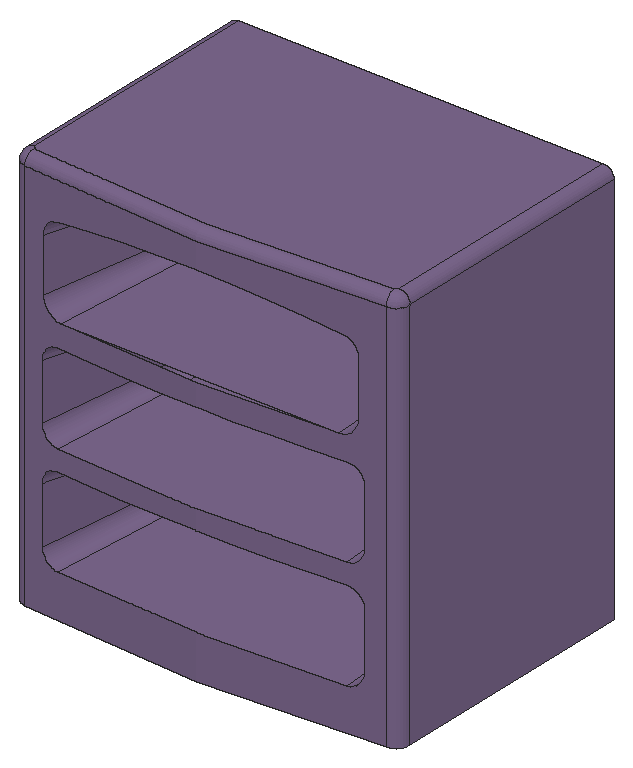
Revit family "NBS_PineappleContracts_GnrlFitngsFrnshngsAndEqpmntSym_RynoChest", category Furniture, Revit 2018
Family settings
  Work Plane-Based = No
  Always vertical = Yes
  Cut with Voids When Loaded = No
  Shared = No
  Room Calculation Point = No
Parameters
  Weight = "24 kg"
  WarrantyStartDate [instance] = "1900-12-31T23:59:59"
  WarrantyGuarantorParts = "n/a"
  WarrantyGuarantorLabor = "n/a"
  WarrantyDurationUnit = "year"
  WarrantyDurationParts = "n/a"
  WarrantyDurationLabor = "n/a"
  WarrantyDescription = "Lifetime guarantee against manufacturing faults"
  Version = "2"  # constant formula
  Uniclass2015Version = "Systems v1.15"
  Uniclass2015Title = "Chests"
  Uniclass2015Code = "Pr_40_30_78_11"
  TagNumber [instance] = "n/a"
  SystemManufacturer = "Pineapple Contracts"
  SustainabilityPerformance = "100% recyclable"
  Style = "Chest"
  Status = "UNSET"
  Size = "735 x 698 x 507 mm"
  Shape = "Rectangle"
  SerialNumber [instance] = "n/a"
  Revision = "n/a"
  ReplacementCost = "n/a"
  Reference = "n/a"
  ProductInformation = "https://uk.pineapplecontracts.com/product/ryno-bedroom-range/"
  NominalWidth = 698 mm
  NominalLength = 0 mm
  NominalHeight = 735 mm
  NominalDepth = 507 mm
  Name = "GeneralFittingsFurnishingsAndEquipmentSystem_RynoChest_PineappleContracts"
  NBSReference = "35-05-35/135"
  NBSDescription = "General fittings, furnishings and equipment system"
  NBSCertification = "www.nationalbimlibrary.com/cert/awrt4vni"
  ModelReference = "RynoChest"
  ModelNumber = "1RYOC-FF-003"
  Material = "UV stabilised polyethylene with anti-microbial additive"
  ManufacturerURL = "www.pineapplecontracts.com"
  ManufacturerName = "Pineapple Contracts"  # constant formula
  Manufacturer = "sales@pineapplecontracts.com"
  MainColor = "n/a"
  IsBuiltIn = no
  InstallationDate [instance] = "1900-12-31T23:59:59"
  IfcExportType = "NOTDEFINED"  # constant formula
  IfcExportAs = "IfcFurnitureType"  # constant formula
  Grade = "n/a"
  Finish = "n/a"
  Features = "Flame retardant, anti-bacterial, wall and floor fixing options available"
  ExpectedLife = "n/a"
  DurationUnit = "year"
  Description = "Ryno open chest with 3 compartments"
  Constituents = "n/a"
  Color = "Blaze orange, epic blue, icon purple, vegas yellow, cool green, black, thunder grey, moonwalk grey, lime green, granite"
  CodePerformance = "BS EN 16139: 2013 level 2, BS 5852:2006, UL94 HB flammability standards"
  ChestMaterial = NBS_PineappleContracts_IconPurple
  Width = 698 mm  # constant formula
  Height = 735 mm  # constant formula
  Depth = 507 mm  # constant formula
  Category = "Pr_40_30_78_11:Chests"
  BarCode [instance] = "n/a"
  BIMObjectName = "NBS_PineappleContracts_GeneralFittingsFurnishingsAndEquipmentSystem_RynoChest"
  Author = "NBS"  # constant formula
  AssetType = "Fixed"
  AssetIdentifier [instance] = "n/a"
  AccessibilityPerformance = "n/a"
Reference planes
  plane 1 "Back": y = 0
  plane 2 "Bottom": z = 0
  plane 3 "Center (Left/Right)": x = 0
  plane 4 "Left": x = -349
  plane 5 "Right": x = 349
  plane 6 "Front": y = -507
  plane 7 "Top": z = 735
Forms (mm)
  Extrusion 1, solid, material "NBS_PineappleContracts_IconPurple" <- "ChestMaterial", detail levels medium+fine
    sketch origin (0, 0, 0) x (1, 0, 0) y (0, 1, 0)
      loop
        line (-349, 0) -> (-349, -461.615)
        arc (-349, -461.615) -> (-342.756, -478.145) -> (-327.142, -486.417) r 25
        arc (-327.142, -486.417) -> (0.016, -507) -> (327.16, -486.185) r 2595.73
        arc (327.16, -486.185) -> (342.762, -477.909) -> (349, -461.386) r 25
        line (349, -461.386) -> (349, 0) -> (-349, 0)
    from 0 to 733
  Sweep 2, void
    path origin (0, 0, 0) x (1, 0, 0) y (0, 1, 0)
      loop
        line (-349, 0) -> (-349, -461.615)
        arc (-349, -461.615) -> (-342.756, -478.145) -> (-327.142, -486.417) r 25
        arc (-327.142, -486.417) -> (0.016, -507) -> (327.16, -486.185) r 2595.73
        arc (327.16, -486.185) -> (342.762, -477.909) -> (349, -461.386) r 25
        line (349, -461.386) -> (349, 0)
    profile origin (-349, -230.808, 0) x (1, 0, 0) y (0, 0, 1)
      loop
        line (0, 733) -> (0, 713)
        arc (0, 713) -> (5.858, 727.142) -> (20, 733) r 20
        line (20, 733) -> (0, 733)
  Blend 3, void
    base sketch origin (0, 0, 137.5) x (1, 0, 0) y (0, 0, 1)
      loop
        line (-219.153, 347.5) -> (221.653, 347.5)
        arc (221.653, 347.5) -> (232.26, 351.893) -> (236.653, 362.5) r 15
        line (236.653, 362.5) -> (236.653, 419.524)
        arc (236.653, 419.524) -> (230.601, 435.832) -> (215.376, 444.245) r 25
        arc (215.376, 444.245) -> (1.381, 460.614) -> (-212.716, 445.629) r 1469.059
        arc (-212.716, 445.629) -> (-228.048, 437.254) -> (-234.153, 420.884) r 25
        line (-234.153, 420.884) -> (-234.153, 362.5)
        arc (-234.153, 362.5) -> (-229.76, 351.893) -> (-219.153, 347.5) r 15
    top sketch origin (0, 0, 137.5) x (1, 0, 0) y (0, 0, 1)
      loop
        line (-291.593, 481.607) -> (-291.593, 382.5)
        arc (-291.593, 382.5) -> (-281.342, 357.751) -> (-256.593, 347.5) r 35
        line (-256.593, 347.5) -> (248.407, 347.5)
        arc (248.407, 347.5) -> (273.155, 357.751) -> (283.407, 382.5) r 35
        line (283.407, 382.5) -> (283.407, 482.21)
        arc (283.407, 482.21) -> (276.088, 501.845) -> (257.704, 511.901) r 30
        arc (257.704, 511.901) -> (-4.151, 530.598) -> (-265.96, 511.287) r 1813.262
        arc (-265.96, 511.287) -> (-284.298, 501.216) -> (-291.593, 481.607) r 30
    from 20.803 to 511.517
  Blend 4, void
    base sketch origin (0, 0, -67.333) x (1, 0, 0) y (0, 0, 1)
      loop
        line (-225.847, 347.333) -> (224.153, 347.333)
        arc (224.153, 347.333) -> (238.295, 353.191) -> (244.153, 367.333) r 20
        line (244.153, 367.333) -> (244.153, 417.483)
        arc (244.153, 417.483) -> (238.682, 431.228) -> (225.262, 437.453) r 20
        arc (225.262, 437.453) -> (-0.852, 443.702) -> (-226.964, 437.358) r 4062.636
        arc (-226.964, 437.358) -> (-240.379, 431.13) -> (-245.847, 417.389) r 20
        line (-245.847, 417.389) -> (-245.847, 367.333)
        arc (-245.847, 367.333) -> (-239.989, 353.191) -> (-225.847, 347.333) r 20
    top sketch origin (0, 0, -67.333) x (1, 0, 0) y (0, 0, 1)
      loop
        line (-292.729, 482.333) -> (-292.729, 377.333)
        arc (-292.729, 377.333) -> (-283.943, 356.12) -> (-262.729, 347.333) r 30
        line (-262.729, 347.333) -> (262.729, 347.333)
        arc (262.729, 347.333) -> (283.943, 356.12) -> (292.729, 377.333) r 30
        line (292.729, 377.333) -> (292.729, 482.333)
        arc (292.729, 482.333) -> (283.943, 503.547) -> (262.729, 512.333) r 30
        line (262.729, 512.333) -> (-262.729, 512.333)
        arc (-262.729, 512.333) -> (-283.943, 503.547) -> (-292.729, 482.333) r 30
    from 20.803 to 507
  Blend 5, void
    base sketch origin (0, 0, -267.5) x (1, 0, 0) y (0, 0, 1)
      loop
        line (-225.847, 347.5) -> (224.153, 347.5)
        arc (224.153, 347.5) -> (238.295, 353.358) -> (244.153, 367.5) r 20
        line (244.153, 367.5) -> (244.153, 417.65)
        arc (244.153, 417.65) -> (238.682, 431.395) -> (225.262, 437.619) r 20
        arc (225.262, 437.619) -> (-0.852, 443.869) -> (-226.964, 437.524) r 4062.636
        arc (-226.964, 437.524) -> (-240.379, 431.297) -> (-245.847, 417.556) r 20
        line (-245.847, 417.556) -> (-245.847, 367.5)
        arc (-245.847, 367.5) -> (-239.989, 353.358) -> (-225.847, 347.5) r 20
    top sketch origin (0, 0, -267.5) x (1, 0, 0) y (0, 0, 1)
      loop
        line (-292.729, 482.5) -> (-292.729, 377.5)
        arc (-292.729, 377.5) -> (-283.943, 356.287) -> (-262.729, 347.5) r 30
        line (-262.729, 347.5) -> (262.729, 347.5)
        arc (262.729, 347.5) -> (283.943, 356.287) -> (292.729, 377.5) r 30
        line (292.729, 377.5) -> (292.729, 482.5)
        arc (292.729, 482.5) -> (283.943, 503.713) -> (262.729, 512.5) r 30
        line (262.729, 512.5) -> (-262.729, 512.5)
        arc (-262.729, 512.5) -> (-283.943, 503.713) -> (-292.729, 482.5) r 30
    from 20.803 to 507
  Extrusion 6, solid, material "NBS_PineappleContracts_IconPurple" <- "ChestMaterial", detail levels coarse
    sketch origin (870.705, 559.296, 0) x (1, 0, 0) y (0, 1, 0)
      loop
        line (-1219.705, -1066.296) -> (-521.705, -1066.296) -> (-521.705, -559.296) -> (-1219.705, -559.296) -> (-1219.705, -1066.296)
    from 0 to 735
Cuts and joins
  Sweep 2, Blend 3, Blend 4, Blend 5 cuts Extrusion 1
Dimensions and locks
  equal spacing: plane 4 "Left", plane 3 "Center (Left/Right)", plane 5 "Right", locked at 349 each
  "Width": plane 4 "Left" to plane 5 "Right"
  "Depth": plane 6 "Front" to plane 1 "Back"
  "Height": plane 7 "Top" to level
  aligned and locked: level to plane 2 "Bottom"
  aligned and locked: Extrusion 1 to level
Automatic sketch dimensions
  plane 1 "Back" to Extrusion 1 sketch curve = 0 mm
  Extrusion 1 sketch curve to plane 4 "Left" = 0 mm
  Extrusion 1 sketch curve to plane 5 "Right" = 0 mm
  Extrusion 1 sketch curve to Extrusion 1 sketch curve = 25 mm  (x2)
  Extrusion 1 sketch curve to plane 3 "Center (Left/Right)" = 0.903 mm
  Extrusion 1 sketch curve to plane 6 "Front" = 45.614 mm
  Extrusion 1 sketch curve to plane 6 "Front" = 45.385 mm
  Extrusion 1 sketch curve to plane 1 "Back" = 2088.73 mm
  Extrusion 1 sketch curve to Extrusion 1 sketch curve = 0 mm
  Sweep 2 sketch curve to plane 4 "Left" = 0 mm
  Sweep 2 sketch curve to plane 5 "Right" = 0 mm
  plane 1 "Back" to Sweep 2 sketch curve = 0 mm  (x2)
  Sweep 2 sketch curve to Sweep 2 sketch curve = 25 mm
  Sweep 2 sketch curve to plane 3 "Center (Left/Right)" = 0.903 mm
  Sweep 2 sketch curve to plane 5 "Right" = 25 mm
  Sweep 2 sketch curve to plane 6 "Front" = 45.614 mm
  Sweep 2 sketch curve to plane 6 "Front" = 45.385 mm
  Sweep 2 sketch curve to plane 1 "Back" = 2088.73 mm
  Sweep 2 sketch curve to Sweep 2 sketch curve = 0 mm
  profile plane to Sweep 2 sketch curve = 0 mm
  Sweep 2 sketch curve to Sweep 2 sketch curve = 20 mm
  level to Sweep 2 sketch curve = 713 mm
  plane 4 "Left" to Blend 3 sketch curve = 114.847 mm
  Blend 3 sketch curve to Blend 3 sketch curve = 15 mm  (x2)
  Blend 3 sketch curve to Blend 3 sketch curve = 25 mm
  Blend 3 sketch curve to plane 3 "Center (Left/Right)" = 3.368 mm
  Blend 3 sketch curve to plane 5 "Right" = 137.347 mm
  Blend 3 sketch curve to Blend 3 sketch curve = 10 mm
  Blend 3 sketch curve to level = 870.937 mm
  Blend 3 sketch curve to Blend 3 sketch curve = 57.024 mm
  Blend 3 sketch curve to Blend 3 sketch curve = 58.384 mm
  Blend 3 sketch curve to Blend 3 sketch curve = 0 mm  (x2)
  plane 4 "Left" to Blend 3 sketch curve = 57.407 mm
  Blend 3 sketch curve to Blend 3 sketch curve = 30 mm
  Blend 3 sketch curve to Blend 3 sketch curve = 35 mm  (x2)
  Blend 3 sketch curve to plane 3 "Center (Left/Right)" = 2.026 mm
  Blend 3 sketch curve to plane 5 "Right" = 100.593 mm
  Blend 3 sketch curve to plane 5 "Right" = 95.593 mm
  Blend 3 sketch curve to level = 1145.163 mm
  Blend 3 sketch curve to Blend 3 sketch curve = 99.107 mm
  Blend 3 sketch curve to Blend 3 sketch curve = 99.71 mm
  plane 4 "Left" to Blend 4 sketch curve = 103.153 mm
  Blend 4 sketch curve to Blend 4 sketch curve = 20 mm  (x3)
  plane 3 "Center (Left/Right)" to Blend 4 sketch curve = 0.001 mm
  Blend 4 sketch curve to plane 5 "Right" = 124.847 mm
  Blend 4 sketch curve to Blend 4 sketch curve = 0 mm  (x2)
  Blend 4 sketch curve to level = 3686.267 mm
  level to Blend 4 sketch curve = 280 mm  (x2)
  Blend 4 sketch curve to Blend 4 sketch curve = 50.056 mm
  Blend 4 sketch curve to Blend 4 sketch curve = 50.15 mm
  plane 4 "Left" to Blend 4 sketch curve = 56.271 mm
  Blend 4 sketch curve to Blend 4 sketch curve = 30 mm  (x3)
  Blend 4 sketch curve to plane 5 "Right" = 86.271 mm  (x2)
  Blend 4 sketch curve to Blend 4 sketch curve = 105 mm
  plane 4 "Left" to Blend 5 sketch curve = 103.153 mm
  Blend 5 sketch curve to Blend 5 sketch curve = 20 mm  (x3)
  plane 3 "Center (Left/Right)" to Blend 5 sketch curve = 0.001 mm
  Blend 5 sketch curve to plane 5 "Right" = 124.847 mm
  Blend 5 sketch curve to Blend 5 sketch curve = 0 mm  (x2)
  Blend 5 sketch curve to level = 3886.267 mm
  level to Blend 5 sketch curve = 80 mm  (x2)
  Blend 5 sketch curve to Blend 5 sketch curve = 50.056 mm
  Blend 5 sketch curve to Blend 5 sketch curve = 50.15 mm
  plane 4 "Left" to Blend 5 sketch curve = 56.271 mm
  Blend 5 sketch curve to Blend 5 sketch curve = 30 mm  (x3)
  Blend 5 sketch curve to plane 5 "Right" = 86.271 mm  (x2)
  Blend 5 sketch curve to Blend 5 sketch curve = 105 mm
  plane 7 "Top" to Blend 3 sketch curve = 250 mm  (x2)
  Extrusion 6 sketch curve to plane 5 "Right" = 698 mm
  Extrusion 6 sketch curve to Extrusion 6 sketch curve = 698 mm
  plane 1 "Back" to Extrusion 6 sketch curve = 507 mm
  Extrusion 6 sketch curve to Extrusion 6 sketch curve = 507 mm
